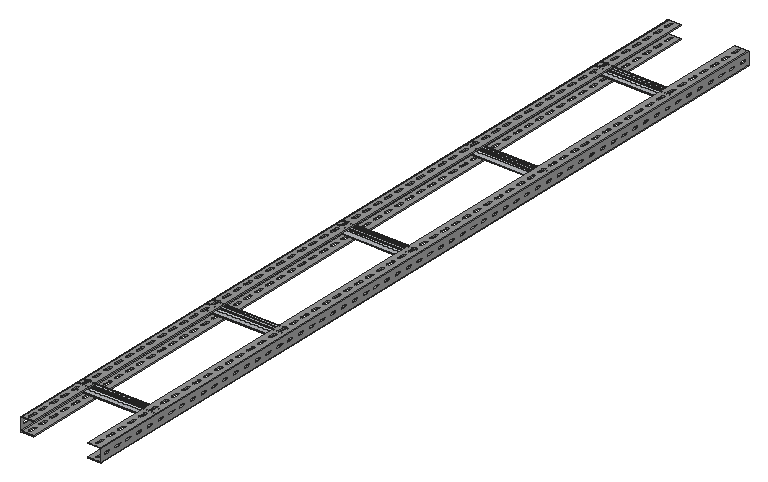
Revit family "steigeleiter_3_FT_FTSO_FTK_A2_A4.300rfa", category Generic Models, Revit 2017 (continued)
Forms (mm)
  Extrusion 152, void
    sketch origin (0, 1450, 0) x (1, 0, 0) y (0, 1, 0)
      loop
        line (-130.5, 34.5) -> (-130.5, 15.5)
    from 47.5 to 50
  Extrusion 153, void
    sketch origin (0, 1500, 0) x (1, 0, 0) y (0, 1, 0)
      loop
        arc (-130.5, 15.5) -> (-125, 10) -> (-119.5, 15.5) r 5.5
        line (-119.5, 15.5) -> (-119.5, 34.5)
        arc (-119.5, 34.5) -> (-125, 40) -> (-130.5, 34.5) r 5.5
        line (-130.5, 34.5) -> (-130.5, 15.5)
    from 47.5 to 50
  Extrusion 154, void
    sketch origin (0, 1550, 0) x (1, 0, 0) y (0, 1, 0)
      loop
        arc (-130.5, 15.5) -> (-125, 10) -> (-119.5, 15.5) r 5.5
        line (-119.5, 15.5) -> (-119.5, 34.5)
        arc (-119.5, 34.5) -> (-125, 40) -> (-130.5, 34.5) r 5.5
        line (-130.5, 34.5) -> (-130.5, 15.5)
    from 47.5 to 50
  Extrusion 155, void
    sketch origin (0, 1600, 0) x (1, 0, 0) y (0, 1, 0)
      loop
        arc (-130.5, 15.5) -> (-125, 10) -> (-119.5, 15.5) r 5.5
        line (-119.5, 15.5) -> (-119.5, 34.5)
        arc (-119.5, 34.5) -> (-125, 40) -> (-130.5, 34.5) r 5.5
        line (-130.5, 34.5) -> (-130.5, 15.5)
    from 47.5 to 50
  Extrusion 156, void
    sketch origin (0, 1650, 0) x (1, 0, 0) y (0, 1, 0)
      loop
        arc (-130.5, 15.5) -> (-125, 10) -> (-119.5, 15.5) r 5.5
        line (-119.5, 15.5) -> (-119.5, 34.5)
        arc (-119.5, 34.5) -> (-125, 40) -> (-130.5, 34.5) r 5.5
        line (-130.5, 34.5) -> (-130.5, 15.5)
    from 47.5 to 50
  Extrusion 157, void
    sketch origin (0, 1700, 0) x (1, 0, 0) y (0, 1, 0)
      loop
        arc (-130.5, 15.5) -> (-125, 10) -> (-119.5, 15.5) r 5.5
        line (-119.5, 15.5) -> (-119.5, 34.5)
        arc (-119.5, 34.5) -> (-125, 40) -> (-130.5, 34.5) r 5.5
        line (-130.5, 34.5) -> (-130.5, 15.5)
    from 47.5 to 50
  Extrusion 158, void
    sketch origin (0, 1750, 0) x (1, 0, 0) y (0, 1, 0)
      loop
        arc (-130.5, 15.5) -> (-125, 10) -> (-119.5, 15.5) r 5.5
        line (-119.5, 15.5) -> (-119.5, 34.5)
        arc (-119.5, 34.5) -> (-125, 40) -> (-130.5, 34.5) r 5.5
        line (-130.5, 34.5) -> (-130.5, 15.5)
    from 47.5 to 50
  Extrusion 159, void
    sketch origin (0, 1800, 0) x (1, 0, 0) y (0, 1, 0)
      loop
        arc (-130.5, 15.5) -> (-125, 10) -> (-119.5, 15.5) r 5.5
        line (-119.5, 15.5) -> (-119.5, 34.5)
        arc (-119.5, 34.5) -> (-125, 40) -> (-130.5, 34.5) r 5.5
        line (-130.5, 34.5) -> (-130.5, 15.5)
    from 47.5 to 50
  Extrusion 160, void
    sketch origin (0, 1850, 0) x (1, 0, 0) y (0, 1, 0)
      loop
        arc (-130.5, 15.5) -> (-125, 10) -> (-119.5, 15.5) r 5.5
        line (-119.5, 15.5) -> (-119.5, 34.5)
        arc (-119.5, 34.5) -> (-125, 40) -> (-130.5, 34.5) r 5.5
        line (-130.5, 34.5) -> (-130.5, 15.5)
    from 47.5 to 50
  Extrusion 161, void
    sketch origin (0, 1900, 0) x (1, 0, 0) y (0, 1, 0)
      loop
        arc (-130.5, 15.5) -> (-125, 10) -> (-119.5, 15.5) r 5.5
        line (-119.5, 15.5) -> (-119.5, 34.5)
        arc (-119.5, 34.5) -> (-125, 40) -> (-130.5, 34.5) r 5.5
        line (-130.5, 34.5) -> (-130.5, 15.5)
    from 47.5 to 50
  Extrusion 162, void
    sketch origin (0, 1950, 0) x (1, 0, 0) y (0, 1, 0)
      loop
        arc (-130.5, 15.5) -> (-125, 10) -> (-119.5, 15.5) r 5.5
        line (-119.5, 15.5) -> (-119.5, 34.5)
        arc (-119.5, 34.5) -> (-125, 40) -> (-130.5, 34.5) r 5.5
        line (-130.5, 34.5) -> (-130.5, 15.5)
    from 47.5 to 50
  Extrusion 163, void
    sketch origin (0, 2000, 0) x (1, 0, 0) y (0, 1, 0)
      loop
        arc (-130.5, 15.5) -> (-125, 10) -> (-119.5, 15.5) r 5.5
        line (-119.5, 15.5) -> (-119.5, 34.5)
        arc (-119.5, 34.5) -> (-125, 40) -> (-130.5, 34.5) r 5.5
        line (-130.5, 34.5) -> (-130.5, 15.5)
    from 47.5 to 50
  Extrusion 164, void
    sketch origin (0, 2050, 0) x (1, 0, 0) y (0, 1, 0)
      loop
        arc (-130.5, 15.5) -> (-125, 10) -> (-119.5, 15.5) r 5.5
        line (-119.5, 15.5) -> (-119.5, 34.5)
        arc (-119.5, 34.5) -> (-125, 40) -> (-130.5, 34.5) r 5.5
        line (-130.5, 34.5) -> (-130.5, 15.5)
    from 47.5 to 50
  Extrusion 165, void
    sketch origin (0, 2100, 0) x (1, 0, 0) y (0, 1, 0)
      loop
        arc (-130.5, 15.5) -> (-125, 10) -> (-119.5, 15.5) r 5.5
        line (-119.5, 15.5) -> (-119.5, 34.5)
        arc (-119.5, 34.5) -> (-125, 40) -> (-130.5, 34.5) r 5.5
        line (-130.5, 34.5) -> (-130.5, 15.5)
    from 47.5 to 50
  Extrusion 166, void
    sketch origin (0, 2150, 0) x (1, 0, 0) y (0, 1, 0)
      loop
        arc (-130.5, 15.5) -> (-125, 10) -> (-119.5, 15.5) r 5.5
        line (-119.5, 15.5) -> (-119.5, 34.5)
        arc (-119.5, 34.5) -> (-125, 40) -> (-130.5, 34.5) r 5.5
        line (-130.5, 34.5) -> (-130.5, 15.5)
    from 47.5 to 50
  Extrusion 167, void
    sketch origin (0, 2200, 0) x (1, 0, 0) y (0, 1, 0)
      loop
        arc (-130.5, 15.5) -> (-125, 10) -> (-119.5, 15.5) r 5.5
        line (-119.5, 15.5) -> (-119.5, 34.5)
        arc (-119.5, 34.5) -> (-125, 40) -> (-130.5, 34.5) r 5.5
        line (-130.5, 34.5) -> (-130.5, 15.5)
    from 47.5 to 50
  Extrusion 168, void
    sketch origin (0, 2250, 0) x (1, 0, 0) y (0, 1, 0)
      loop
        arc (-130.5, 15.5) -> (-125, 10) -> (-119.5, 15.5) r 5.5
        line (-119.5, 15.5) -> (-119.5, 34.5)
        arc (-119.5, 34.5) -> (-125, 40) -> (-130.5, 34.5) r 5.5
        line (-130.5, 34.5) -> (-130.5, 15.5)
    from 47.5 to 50
  Extrusion 169, void
    sketch origin (0, 2300, 0) x (1, 0, 0) y (0, 1, 0)
      loop
        arc (-130.5, 15.5) -> (-125, 10) -> (-119.5, 15.5) r 5.5
        line (-119.5, 15.5) -> (-119.5, 34.5)
        arc (-119.5, 34.5) -> (-125, 40) -> (-130.5, 34.5) r 5.5
        line (-130.5, 34.5) -> (-130.5, 15.5)
    from 47.5 to 50
  Extrusion 170, void
    sketch origin (0, 2350, 0) x (1, 0, 0) y (0, 1, 0)
      loop
        arc (-130.5, 15.5) -> (-125, 10) -> (-119.5, 15.5) r 5.5
        line (-119.5, 15.5) -> (-119.5, 34.5)
        arc (-119.5, 34.5) -> (-125, 40) -> (-130.5, 34.5) r 5.5
        line (-130.5, 34.5) -> (-130.5, 15.5)
    from 47.5 to 50
  Extrusion 171, void
    sketch origin (0, 2400, 0) x (1, 0, 0) y (0, 1, 0)
      loop
        arc (-130.5, 15.5) -> (-125, 10) -> (-119.5, 15.5) r 5.5
        line (-119.5, 15.5) -> (-119.5, 34.5)
        arc (-119.5, 34.5) -> (-125, 40) -> (-130.5, 34.5) r 5.5
        line (-130.5, 34.5) -> (-130.5, 15.5)
    from 47.5 to 50
  Extrusion 172, void
    sketch origin (0, 2450, 0) x (1, 0, 0) y (0, 1, 0)
      loop
        arc (-130.5, 15.5) -> (-125, 10) -> (-119.5, 15.5) r 5.5
        line (-119.5, 15.5) -> (-119.5, 34.5)
        arc (-119.5, 34.5) -> (-125, 40) -> (-130.5, 34.5) r 5.5
        line (-130.5, 34.5) -> (-130.5, 15.5)
    from 47.5 to 50
  Extrusion 173, void
    sketch origin (0, 2500, 0) x (1, 0, 0) y (0, 1, 0)
      loop
        arc (-130.5, 15.5) -> (-125, 10) -> (-119.5, 15.5) r 5.5
        line (-119.5, 15.5) -> (-119.5, 34.5)
        arc (-119.5, 34.5) -> (-125, 40) -> (-130.5, 34.5) r 5.5
        line (-130.5, 34.5) -> (-130.5, 15.5)
    from 47.5 to 50
  Extrusion 174, void
    sketch origin (0, 2550, 0) x (1, 0, 0) y (0, 1, 0)
      loop
        arc (-130.5, 15.5) -> (-125, 10) -> (-119.5, 15.5) r 5.5
        line (-119.5, 15.5) -> (-119.5, 34.5)
        arc (-119.5, 34.5) -> (-125, 40) -> (-130.5, 34.5) r 5.5
        line (-130.5, 34.5) -> (-130.5, 15.5)
    from 47.5 to 50
  Extrusion 175, void
    sketch origin (0, 2600, 0) x (1, 0, 0) y (0, 1, 0)
      loop
        arc (-130.5, 15.5) -> (-125, 10) -> (-119.5, 15.5) r 5.5
        line (-119.5, 15.5) -> (-119.5, 34.5)
        arc (-119.5, 34.5) -> (-125, 40) -> (-130.5, 34.5) r 5.5
        line (-130.5, 34.5) -> (-130.5, 15.5)
    from 47.5 to 50
  Extrusion 176, void
    sketch origin (0, 2650, 0) x (1, 0, 0) y (0, 1, 0)
      loop
        arc (-130.5, 15.5) -> (-125, 10) -> (-119.5, 15.5) r 5.5
        line (-119.5, 15.5) -> (-119.5, 34.5)
        arc (-119.5, 34.5) -> (-125, 40) -> (-130.5, 34.5) r 5.5
        line (-130.5, 34.5) -> (-130.5, 15.5)
    from 47.5 to 50
  Extrusion 177, void
    sketch origin (0, 2700, 0) x (1, 0, 0) y (0, 1, 0)
      loop
        arc (-130.5, 15.5) -> (-125, 10) -> (-119.5, 15.5) r 5.5
        line (-119.5, 15.5) -> (-119.5, 34.5)
        arc (-119.5, 34.5) -> (-125, 40) -> (-130.5, 34.5) r 5.5
        line (-130.5, 34.5) -> (-130.5, 15.5)
    from 47.5 to 50
  Extrusion 178, void
    sketch origin (0, 2750, 0) x (1, 0, 0) y (0, 1, 0)
      loop
        arc (-130.5, 15.5) -> (-125, 10) -> (-119.5, 15.5) r 5.5
        line (-119.5, 15.5) -> (-119.5, 34.5)
        arc (-119.5, 34.5) -> (-125, 40) -> (-130.5, 34.5) r 5.5
        line (-130.5, 34.5) -> (-130.5, 15.5)
    from 47.5 to 50
  Extrusion 179, void
    sketch origin (0, 2800, 0) x (1, 0, 0) y (0, 1, 0)
      loop
        arc (-130.5, 15.5) -> (-125, 10) -> (-119.5, 15.5) r 5.5
        line (-119.5, 15.5) -> (-119.5, 34.5)
        arc (-119.5, 34.5) -> (-125, 40) -> (-130.5, 34.5) r 5.5
        line (-130.5, 34.5) -> (-130.5, 15.5)
    from 47.5 to 50
  Extrusion 180, void
    sketch origin (0, 2850, 0) x (1, 0, 0) y (0, 1, 0)
      loop
        arc (-130.5, 15.5) -> (-125, 10) -> (-119.5, 15.5) r 5.5
        line (-119.5, 15.5) -> (-119.5, 34.5)
        arc (-119.5, 34.5) -> (-125, 40) -> (-130.5, 34.5) r 5.5
        line (-130.5, 34.5) -> (-130.5, 15.5)
    from 47.5 to 50
  Extrusion 181, void
    sketch origin (0, 2900, 0) x (1, 0, 0) y (0, 1, 0)
      loop
        arc (-130.5, 15.5) -> (-125, 10) -> (-119.5, 15.5) r 5.5
        line (-119.5, 15.5) -> (-119.5, 34.5)
        arc (-119.5, 34.5) -> (-125, 40) -> (-130.5, 34.5) r 5.5
        line (-130.5, 34.5) -> (-130.5, 15.5)
    from 47.5 to 50
  Extrusion 182, void
    sketch origin (0, 2950, 0) x (1, 0, 0) y (0, 1, 0)
      loop
        arc (-130.5, 15.5) -> (-125, 10) -> (-119.5, 15.5) r 5.5
        line (-119.5, 15.5) -> (-119.5, 34.5)
        arc (-119.5, 34.5) -> (-125, 40) -> (-130.5, 34.5) r 5.5
        line (-130.5, 34.5) -> (-130.5, 15.5)
    from 47.5 to 50
  Extrusion 183, void
    sketch origin (0, 50, 0) x (1, 0, 0) y (0, 1, 0)
      loop
        line (-119.5, 15.5) -> (-119.5, 34.5)
        arc (-119.5, 34.5) -> (-125, 40) -> (-130.5, 34.5) r 5.5
        line (-130.5, 34.5) -> (-130.5, 15.5)
        arc (-130.5, 15.5) -> (-125, 10) -> (-119.5, 15.5) r 5.5
    from 0 to 2.5
  Extrusion 184, void
    sketch origin (0, 100, 0) x (1, 0, 0) y (0, 1, 0)
      loop
        line (-119.5, 15.5) -> (-119.5, 34.5)
        arc (-119.5, 34.5) -> (-125, 40) -> (-130.5, 34.5) r 5.5
        line (-130.5, 34.5) -> (-130.5, 15.5)
        arc (-130.5, 15.5) -> (-125, 10) -> (-119.5, 15.5) r 5.5
    from 0 to 2.5
  Extrusion 185, void
    sketch origin (0, 150, 0) x (1, 0, 0) y (0, 1, 0)
      loop
        line (-119.5, 15.5) -> (-119.5, 34.5)
        arc (-119.5, 34.5) -> (-125, 40) -> (-130.5, 34.5) r 5.5
        line (-130.5, 34.5) -> (-130.5, 15.5)
        arc (-130.5, 15.5) -> (-125, 10) -> (-119.5, 15.5) r 5.5
    from 0 to 2.5
  Extrusion 186, void
    sketch origin (0, 200, 0) x (1, 0, 0) y (0, 1, 0)
      loop
        line (-119.5, 15.5) -> (-119.5, 34.5)
        arc (-119.5, 34.5) -> (-125, 40) -> (-130.5, 34.5) r 5.5
        line (-130.5, 34.5) -> (-130.5, 15.5)
        arc (-130.5, 15.5) -> (-125, 10) -> (-119.5, 15.5) r 5.5
    from 0 to 2.5
  Extrusion 187, void
    sketch origin (0, 250, 0) x (1, 0, 0) y (0, 1, 0)
      loop
        line (-119.5, 15.5) -> (-119.5, 34.5)
        arc (-119.5, 34.5) -> (-125, 40) -> (-130.5, 34.5) r 5.5
        line (-130.5, 34.5) -> (-130.5, 15.5)
        arc (-130.5, 15.5) -> (-125, 10) -> (-119.5, 15.5) r 5.5
    from 0 to 2.5
  Extrusion 188, void
    sketch origin (0, 300, 0) x (1, 0, 0) y (0, 1, 0)
      loop
        line (-119.5, 15.5) -> (-119.5, 34.5)
        arc (-119.5, 34.5) -> (-125, 40) -> (-130.5, 34.5) r 5.5
        line (-130.5, 34.5) -> (-130.5, 15.5)
        arc (-130.5, 15.5) -> (-125, 10) -> (-119.5, 15.5) r 5.5
    from 0 to 2.5
  Extrusion 189, void
    sketch origin (0, 350, 0) x (1, 0, 0) y (0, 1, 0)
      loop
        line (-119.5, 15.5) -> (-119.5, 34.5)
        arc (-119.5, 34.5) -> (-125, 40) -> (-130.5, 34.5) r 5.5
        line (-130.5, 34.5) -> (-130.5, 15.5)
        arc (-130.5, 15.5) -> (-125, 10) -> (-119.5, 15.5) r 5.5
    from 0 to 2.5
  Extrusion 190, void
    sketch origin (0, 400, 0) x (1, 0, 0) y (0, 1, 0)
      loop
        line (-119.5, 15.5) -> (-119.5, 34.5)
        arc (-119.5, 34.5) -> (-125, 40) -> (-130.5, 34.5) r 5.5
        line (-130.5, 34.5) -> (-130.5, 15.5)
        arc (-130.5, 15.5) -> (-125, 10) -> (-119.5, 15.5) r 5.5
    from 0 to 2.5
  Extrusion 191, void
    sketch origin (0, 450, 0) x (1, 0, 0) y (0, 1, 0)
      loop
        line (-119.5, 15.5) -> (-119.5, 34.5)
        arc (-119.5, 34.5) -> (-125, 40) -> (-130.5, 34.5) r 5.5
        line (-130.5, 34.5) -> (-130.5, 15.5)
        arc (-130.5, 15.5) -> (-125, 10) -> (-119.5, 15.5) r 5.5
    from 0 to 2.5
  Extrusion 192, void
    sketch origin (0, 500, 0) x (1, 0, 0) y (0, 1, 0)
      loop
        line (-119.5, 15.5) -> (-119.5, 34.5)
        arc (-119.5, 34.5) -> (-125, 40) -> (-130.5, 34.5) r 5.5
        line (-130.5, 34.5) -> (-130.5, 15.5)
        arc (-130.5, 15.5) -> (-125, 10) -> (-119.5, 15.5) r 5.5
    from 0 to 2.5
  Extrusion 193, void
    sketch origin (0, 550, 0) x (1, 0, 0) y (0, 1, 0)
      loop
        line (-119.5, 15.5) -> (-119.5, 34.5)
        arc (-119.5, 34.5) -> (-125, 40) -> (-130.5, 34.5) r 5.5
        line (-130.5, 34.5) -> (-130.5, 15.5)
        arc (-130.5, 15.5) -> (-125, 10) -> (-119.5, 15.5) r 5.5
    from 0 to 2.5
  Extrusion 194, void
    sketch origin (0, 600, 0) x (1, 0, 0) y (0, 1, 0)
      loop
        line (-119.5, 15.5) -> (-119.5, 34.5)
        arc (-119.5, 34.5) -> (-125, 40) -> (-130.5, 34.5) r 5.5
        line (-130.5, 34.5) -> (-130.5, 15.5)
        arc (-130.5, 15.5) -> (-125, 10) -> (-119.5, 15.5) r 5.5
    from 0 to 2.5
  Extrusion 195, void
    sketch origin (0, 650, 0) x (1, 0, 0) y (0, 1, 0)
      loop
        line (-119.5, 15.5) -> (-119.5, 34.5)
        arc (-119.5, 34.5) -> (-125, 40) -> (-130.5, 34.5) r 5.5
        line (-130.5, 34.5) -> (-130.5, 15.5)
        arc (-130.5, 15.5) -> (-125, 10) -> (-119.5, 15.5) r 5.5
    from 0 to 2.5
  Extrusion 196, void
    sketch origin (0, 700, 0) x (1, 0, 0) y (0, 1, 0)
      loop
        line (-119.5, 15.5) -> (-119.5, 34.5)
        arc (-119.5, 34.5) -> (-125, 40) -> (-130.5, 34.5) r 5.5
        line (-130.5, 34.5) -> (-130.5, 15.5)
        arc (-130.5, 15.5) -> (-125, 10) -> (-119.5, 15.5) r 5.5
    from 0 to 2.5
  Extrusion 197, void
    sketch origin (0, 750, 0) x (1, 0, 0) y (0, 1, 0)
      loop
        line (-119.5, 15.5) -> (-119.5, 34.5)
        arc (-119.5, 34.5) -> (-125, 40) -> (-130.5, 34.5) r 5.5
        line (-130.5, 34.5) -> (-130.5, 15.5)
        arc (-130.5, 15.5) -> (-125, 10) -> (-119.5, 15.5) r 5.5
    from 0 to 2.5
  Extrusion 198, void
    sketch origin (0, 800, 0) x (1, 0, 0) y (0, 1, 0)
      loop
        line (-119.5, 15.5) -> (-119.5, 34.5)
        arc (-119.5, 34.5) -> (-125, 40) -> (-130.5, 34.5) r 5.5
        line (-130.5, 34.5) -> (-130.5, 15.5)
        arc (-130.5, 15.5) -> (-125, 10) -> (-119.5, 15.5) r 5.5
    from 0 to 2.5
  Extrusion 199, void
    sketch origin (0, 850, 0) x (1, 0, 0) y (0, 1, 0)
      loop
        line (-119.5, 15.5) -> (-119.5, 34.5)
        arc (-119.5, 34.5) -> (-125, 40) -> (-130.5, 34.5) r 5.5
        line (-130.5, 34.5) -> (-130.5, 15.5)
        arc (-130.5, 15.5) -> (-125, 10) -> (-119.5, 15.5) r 5.5
    from 0 to 2.5
  Extrusion 200, void
    sketch origin (0, 900, 0) x (1, 0, 0) y (0, 1, 0)
      loop
        line (-119.5, 15.5) -> (-119.5, 34.5)
        arc (-119.5, 34.5) -> (-125, 40) -> (-130.5, 34.5) r 5.5
        line (-130.5, 34.5) -> (-130.5, 15.5)
        arc (-130.5, 15.5) -> (-125, 10) -> (-119.5, 15.5) r 5.5
    from 0 to 2.5
  Extrusion 201, void
    sketch origin (0, 950, 0) x (1, 0, 0) y (0, 1, 0)
      loop
        line (-119.5, 15.5) -> (-119.5, 34.5)
        arc (-119.5, 34.5) -> (-125, 40) -> (-130.5, 34.5) r 5.5
        line (-130.5, 34.5) -> (-130.5, 15.5)
        arc (-130.5, 15.5) -> (-125, 10) -> (-119.5, 15.5) r 5.5
    from 0 to 2.5
  Extrusion 202, void
    sketch origin (0, 1000, 0) x (1, 0, 0) y (0, 1, 0)
      loop
        line (-119.5, 15.5) -> (-119.5, 34.5)
        arc (-119.5, 34.5) -> (-125, 40) -> (-130.5, 34.5) r 5.5
        line (-130.5, 34.5) -> (-130.5, 15.5)
        arc (-130.5, 15.5) -> (-125, 10) -> (-119.5, 15.5) r 5.5
    from 0 to 2.5
  Extrusion 203, void
    sketch origin (0, 1050, 0) x (1, 0, 0) y (0, 1, 0)
      loop
        line (-119.5, 15.5) -> (-119.5, 34.5)
        arc (-119.5, 34.5) -> (-125, 40) -> (-130.5, 34.5) r 5.5
        line (-130.5, 34.5) -> (-130.5, 15.5)
        arc (-130.5, 15.5) -> (-125, 10) -> (-119.5, 15.5) r 5.5
    from 0 to 2.5
  Extrusion 204, void
    sketch origin (0, 1100, 0) x (1, 0, 0) y (0, 1, 0)
      loop
        line (-119.5, 15.5) -> (-119.5, 34.5)
        arc (-119.5, 34.5) -> (-125, 40) -> (-130.5, 34.5) r 5.5
        line (-130.5, 34.5) -> (-130.5, 15.5)
        arc (-130.5, 15.5) -> (-125, 10) -> (-119.5, 15.5) r 5.5
    from 0 to 2.5
  Extrusion 205, void
    sketch origin (0, 1150, 0) x (1, 0, 0) y (0, 1, 0)
      loop
        line (-119.5, 15.5) -> (-119.5, 34.5)
        arc (-119.5, 34.5) -> (-125, 40) -> (-130.5, 34.5) r 5.5
        line (-130.5, 34.5) -> (-130.5, 15.5)
        arc (-130.5, 15.5) -> (-125, 10) -> (-119.5, 15.5) r 5.5
    from 0 to 2.5
  Extrusion 206, void
    sketch origin (0, 1200, 0) x (1, 0, 0) y (0, 1, 0)
      loop
        line (-119.5, 15.5) -> (-119.5, 34.5)
        arc (-119.5, 34.5) -> (-125, 40) -> (-130.5, 34.5) r 5.5
        line (-130.5, 34.5) -> (-130.5, 15.5)
        arc (-130.5, 15.5) -> (-125, 10) -> (-119.5, 15.5) r 5.5
    from 0 to 2.5
  Extrusion 207, void
    sketch origin (0, 1250, 0) x (1, 0, 0) y (0, 1, 0)
      loop
        line (-119.5, 15.5) -> (-119.5, 34.5)
        arc (-119.5, 34.5) -> (-125, 40) -> (-130.5, 34.5) r 5.5
        line (-130.5, 34.5) -> (-130.5, 15.5)
        arc (-130.5, 15.5) -> (-125, 10) -> (-119.5, 15.5) r 5.5
    from 0 to 2.5
  Extrusion 208, void
    sketch origin (0, 1300, 0) x (1, 0, 0) y (0, 1, 0)
      loop
        line (-119.5, 15.5) -> (-119.5, 34.5)
        arc (-119.5, 34.5) -> (-125, 40) -> (-130.5, 34.5) r 5.5
        line (-130.5, 34.5) -> (-130.5, 15.5)
        arc (-130.5, 15.5) -> (-125, 10) -> (-119.5, 15.5) r 5.5
    from 0 to 2.5
  Extrusion 209, void
    sketch origin (0, 1350, 0) x (1, 0, 0) y (0, 1, 0)
      loop
        line (-119.5, 15.5) -> (-119.5, 34.5)
        arc (-119.5, 34.5) -> (-125, 40) -> (-130.5, 34.5) r 5.5
        line (-130.5, 34.5) -> (-130.5, 15.5)
        arc (-130.5, 15.5) -> (-125, 10) -> (-119.5, 15.5) r 5.5
    from 0 to 2.5
  Extrusion 210, void
    sketch origin (0, 1400, 0) x (1, 0, 0) y (0, 1, 0)
      loop
        line (-119.5, 15.5) -> (-119.5, 34.5)
        arc (-119.5, 34.5) -> (-125, 40) -> (-130.5, 34.5) r 5.5
        line (-130.5, 34.5) -> (-130.5, 15.5)
        arc (-130.5, 15.5) -> (-125, 10) -> (-119.5, 15.5) r 5.5
    from 0 to 2.5
  Extrusion 211, void
    sketch origin (0, 1450, 0) x (1, 0, 0) y (0, 1, 0)
      loop
        line (-119.5, 15.5) -> (-119.5, 34.5)
        arc (-119.5, 34.5) -> (-125, 40) -> (-130.5, 34.5) r 5.5
        line (-130.5, 34.5) -> (-130.5, 15.5)
        arc (-130.5, 15.5) -> (-125, 10) -> (-119.5, 15.5) r 5.5
    from 0 to 2.5
  Extrusion 212, void
    sketch origin (0, 1500, 0) x (1, 0, 0) y (0, 1, 0)
      loop
        line (-119.5, 15.5) -> (-119.5, 34.5)
        arc (-119.5, 34.5) -> (-125, 40) -> (-130.5, 34.5) r 5.5
        line (-130.5, 34.5) -> (-130.5, 15.5)
        arc (-130.5, 15.5) -> (-125, 10) -> (-119.5, 15.5) r 5.5
    from 0 to 2.5
  Extrusion 213, void
    sketch origin (0, 1550, 0) x (1, 0, 0) y (0, 1, 0)
      loop
        line (-119.5, 15.5) -> (-119.5, 34.5)
        arc (-119.5, 34.5) -> (-125, 40) -> (-130.5, 34.5) r 5.5
        line (-130.5, 34.5) -> (-130.5, 15.5)
        arc (-130.5, 15.5) -> (-125, 10) -> (-119.5, 15.5) r 5.5
    from 0 to 2.5
  Extrusion 214, void
    sketch origin (0, 1600, 0) x (1, 0, 0) y (0, 1, 0)
      loop
        line (-119.5, 15.5) -> (-119.5, 34.5)
        arc (-119.5, 34.5) -> (-125, 40) -> (-130.5, 34.5) r 5.5
        line (-130.5, 34.5) -> (-130.5, 15.5)
        arc (-130.5, 15.5) -> (-125, 10) -> (-119.5, 15.5) r 5.5
    from 0 to 2.5
  Extrusion 215, void
    sketch origin (0, 1650, 0) x (1, 0, 0) y (0, 1, 0)
      loop
        line (-119.5, 15.5) -> (-119.5, 34.5)
        arc (-119.5, 34.5) -> (-125, 40) -> (-130.5, 34.5) r 5.5
        line (-130.5, 34.5) -> (-130.5, 15.5)
        arc (-130.5, 15.5) -> (-125, 10) -> (-119.5, 15.5) r 5.5
    from 0 to 2.5
  Extrusion 216, void
    sketch origin (0, 1700, 0) x (1, 0, 0) y (0, 1, 0)
      loop
        line (-119.5, 15.5) -> (-119.5, 34.5)
        arc (-119.5, 34.5) -> (-125, 40) -> (-130.5, 34.5) r 5.5
        line (-130.5, 34.5) -> (-130.5, 15.5)
        arc (-130.5, 15.5) -> (-125, 10) -> (-119.5, 15.5) r 5.5
    from 0 to 2.5
  Extrusion 217, void
    sketch origin (0, 1750, 0) x (1, 0, 0) y (0, 1, 0)
      loop
        line (-119.5, 15.5) -> (-119.5, 34.5)
        arc (-119.5, 34.5) -> (-125, 40) -> (-130.5, 34.5) r 5.5
        line (-130.5, 34.5) -> (-130.5, 15.5)
        arc (-130.5, 15.5) -> (-125, 10) -> (-119.5, 15.5) r 5.5
    from 0 to 2.5
  Extrusion 218, void
    sketch origin (0, 1800, 0) x (1, 0, 0) y (0, 1, 0)
      loop
        line (-119.5, 15.5) -> (-119.5, 34.5)
        arc (-119.5, 34.5) -> (-125, 40) -> (-130.5, 34.5) r 5.5
        line (-130.5, 34.5) -> (-130.5, 15.5)
        arc (-130.5, 15.5) -> (-125, 10) -> (-119.5, 15.5) r 5.5
    from 0 to 2.5
  Extrusion 219, void
    sketch origin (0, 1850, 0) x (1, 0, 0) y (0, 1, 0)
      loop
        line (-119.5, 15.5) -> (-119.5, 34.5)
        arc (-119.5, 34.5) -> (-125, 40) -> (-130.5, 34.5) r 5.5
        line (-130.5, 34.5) -> (-130.5, 15.5)
        arc (-130.5, 15.5) -> (-125, 10) -> (-119.5, 15.5) r 5.5
    from 0 to 2.5
  Extrusion 220, void
    sketch origin (0, 1900, 0) x (1, 0, 0) y (0, 1, 0)
      loop
        line (-119.5, 15.5) -> (-119.5, 34.5)
        arc (-119.5, 34.5) -> (-125, 40) -> (-130.5, 34.5) r 5.5
        line (-130.5, 34.5) -> (-130.5, 15.5)
        arc (-130.5, 15.5) -> (-125, 10) -> (-119.5, 15.5) r 5.5
    from 0 to 2.5
  Extrusion 221, void
    sketch origin (0, 1950, 0) x (1, 0, 0) y (0, 1, 0)
      loop
        line (-119.5, 15.5) -> (-119.5, 34.5)
        arc (-119.5, 34.5) -> (-125, 40) -> (-130.5, 34.5) r 5.5
        line (-130.5, 34.5) -> (-130.5, 15.5)
        arc (-130.5, 15.5) -> (-125, 10) -> (-119.5, 15.5) r 5.5
    from 0 to 2.5
  Extrusion 222, void
    sketch origin (0, 2000, 0) x (1, 0, 0) y (0, 1, 0)
      loop
        line (-119.5, 15.5) -> (-119.5, 34.5)
        arc (-119.5, 34.5) -> (-125, 40) -> (-130.5, 34.5) r 5.5
        line (-130.5, 34.5) -> (-130.5, 15.5)
        arc (-130.5, 15.5) -> (-125, 10) -> (-119.5, 15.5) r 5.5
    from 0 to 2.5
  Extrusion 223, void
    sketch origin (0, 2050, 0) x (1, 0, 0) y (0, 1, 0)
      loop
        line (-119.5, 15.5) -> (-119.5, 34.5)
        arc (-119.5, 34.5) -> (-125, 40) -> (-130.5, 34.5) r 5.5
        line (-130.5, 34.5) -> (-130.5, 15.5)
        arc (-130.5, 15.5) -> (-125, 10) -> (-119.5, 15.5) r 5.5
    from 0 to 2.5
  Extrusion 224, void
    sketch origin (0, 2100, 0) x (1, 0, 0) y (0, 1, 0)
      loop
        line (-119.5, 15.5) -> (-119.5, 34.5)
        arc (-119.5, 34.5) -> (-125, 40) -> (-130.5, 34.5) r 5.5
        line (-130.5, 34.5) -> (-130.5, 15.5)
        arc (-130.5, 15.5) -> (-125, 10) -> (-119.5, 15.5) r 5.5
    from 0 to 2.5
  Extrusion 225, void
    sketch origin (0, 2150, 0) x (1, 0, 0) y (0, 1, 0)
      loop
        line (-119.5, 15.5) -> (-119.5, 34.5)
        arc (-119.5, 34.5) -> (-125, 40) -> (-130.5, 34.5) r 5.5
        line (-130.5, 34.5) -> (-130.5, 15.5)
        arc (-130.5, 15.5) -> (-125, 10) -> (-119.5, 15.5) r 5.5
    from 0 to 2.5
  Extrusion 226, void
    sketch origin (0, 2200, 0) x (1, 0, 0) y (0, 1, 0)
      loop
        line (-119.5, 15.5) -> (-119.5, 34.5)
        arc (-119.5, 34.5) -> (-125, 40) -> (-130.5, 34.5) r 5.5
        line (-130.5, 34.5) -> (-130.5, 15.5)
        arc (-130.5, 15.5) -> (-125, 10) -> (-119.5, 15.5) r 5.5
    from 0 to 2.5
  Extrusion 227, void
    sketch origin (0, 2250, 0) x (1, 0, 0) y (0, 1, 0)
      loop
        line (-119.5, 15.5) -> (-119.5, 34.5)
        arc (-119.5, 34.5) -> (-125, 40) -> (-130.5, 34.5) r 5.5
        line (-130.5, 34.5) -> (-130.5, 15.5)
        arc (-130.5, 15.5) -> (-125, 10) -> (-119.5, 15.5) r 5.5
    from 0 to 2.5
  Extrusion 228, void
    sketch origin (0, 2300, 0) x (1, 0, 0) y (0, 1, 0)
      loop
        line (-119.5, 15.5) -> (-119.5, 34.5)
        arc (-119.5, 34.5) -> (-125, 40) -> (-130.5, 34.5) r 5.5
        line (-130.5, 34.5) -> (-130.5, 15.5)
        arc (-130.5, 15.5) -> (-125, 10) -> (-119.5, 15.5) r 5.5
    from 0 to 2.5
  Extrusion 229, void
    sketch origin (0, 2350, 0) x (1, 0, 0) y (0, 1, 0)
      loop
        line (-119.5, 15.5) -> (-119.5, 34.5)
        arc (-119.5, 34.5) -> (-125, 40) -> (-130.5, 34.5) r 5.5
        line (-130.5, 34.5) -> (-130.5, 15.5)
        arc (-130.5, 15.5) -> (-125, 10) -> (-119.5, 15.5) r 5.5
    from 0 to 2.5
  Extrusion 230, void
    sketch origin (0, 2400, 0) x (1, 0, 0) y (0, 1, 0)
      loop
        line (-119.5, 15.5) -> (-119.5, 34.5)
        arc (-119.5, 34.5) -> (-125, 40) -> (-130.5, 34.5) r 5.5
        line (-130.5, 34.5) -> (-130.5, 15.5)
        arc (-130.5, 15.5) -> (-125, 10) -> (-119.5, 15.5) r 5.5
    from 0 to 2.5
  Extrusion 231, void
    sketch origin (0, 2450, 0) x (1, 0, 0) y (0, 1, 0)
      loop
        line (-119.5, 15.5) -> (-119.5, 34.5)
        arc (-119.5, 34.5) -> (-125, 40) -> (-130.5, 34.5) r 5.5
        line (-130.5, 34.5) -> (-130.5, 15.5)
        arc (-130.5, 15.5) -> (-125, 10) -> (-119.5, 15.5) r 5.5
    from 0 to 2.5
  Extrusion 232, void
    sketch origin (0, 2500, 0) x (1, 0, 0) y (0, 1, 0)
      loop
        line (-119.5, 15.5) -> (-119.5, 34.5)
        arc (-119.5, 34.5) -> (-125, 40) -> (-130.5, 34.5) r 5.5
        line (-130.5, 34.5) -> (-130.5, 15.5)
        arc (-130.5, 15.5) -> (-125, 10) -> (-119.5, 15.5) r 5.5
    from 0 to 2.5
  Extrusion 233, void
    sketch origin (0, 2550, 0) x (1, 0, 0) y (0, 1, 0)
      loop
        line (-119.5, 15.5) -> (-119.5, 34.5)
        arc (-119.5, 34.5) -> (-125, 40) -> (-130.5, 34.5) r 5.5
        line (-130.5, 34.5) -> (-130.5, 15.5)
        arc (-130.5, 15.5) -> (-125, 10) -> (-119.5, 15.5) r 5.5
    from 0 to 2.5
  Extrusion 234, void
    sketch origin (0, 2600, 0) x (1, 0, 0) y (0, 1, 0)
      loop
        line (-119.5, 15.5) -> (-119.5, 34.5)
        arc (-119.5, 34.5) -> (-125, 40) -> (-130.5, 34.5) r 5.5
        line (-130.5, 34.5) -> (-130.5, 15.5)
        arc (-130.5, 15.5) -> (-125, 10) -> (-119.5, 15.5) r 5.5
    from 0 to 2.5
  Extrusion 235, void
    sketch origin (0, 2650, 0) x (1, 0, 0) y (0, 1, 0)
      loop
        line (-119.5, 15.5) -> (-119.5, 34.5)
        arc (-119.5, 34.5) -> (-125, 40) -> (-130.5, 34.5) r 5.5
        line (-130.5, 34.5) -> (-130.5, 15.5)
        arc (-130.5, 15.5) -> (-125, 10) -> (-119.5, 15.5) r 5.5
    from 0 to 2.5
  Extrusion 236, void
    sketch origin (0, 2700, 0) x (1, 0, 0) y (0, 1, 0)
      loop
        line (-119.5, 15.5) -> (-119.5, 34.5)
        arc (-119.5, 34.5) -> (-125, 40) -> (-130.5, 34.5) r 5.5
        line (-130.5, 34.5) -> (-130.5, 15.5)
        arc (-130.5, 15.5) -> (-125, 10) -> (-119.5, 15.5) r 5.5
    from 0 to 2.5
  Extrusion 237, void
    sketch origin (0, 2750, 0) x (1, 0, 0) y (0, 1, 0)
      loop
        line (-119.5, 15.5) -> (-119.5, 34.5)
        arc (-119.5, 34.5) -> (-125, 40) -> (-130.5, 34.5) r 5.5
        line (-130.5, 34.5) -> (-130.5, 15.5)
        arc (-130.5, 15.5) -> (-125, 10) -> (-119.5, 15.5) r 5.5
    from 0 to 2.5
  Extrusion 238, void
    sketch origin (0, 2800, 0) x (1, 0, 0) y (0, 1, 0)
      loop
        line (-119.5, 15.5) -> (-119.5, 34.5)
        arc (-119.5, 34.5) -> (-125, 40) -> (-130.5, 34.5) r 5.5
        line (-130.5, 34.5) -> (-130.5, 15.5)
        arc (-130.5, 15.5) -> (-125, 10) -> (-119.5, 15.5) r 5.5
    from 0 to 2.5
  Extrusion 239, void
    sketch origin (0, 2850, 0) x (1, 0, 0) y (0, 1, 0)
      loop
        line (-119.5, 15.5) -> (-119.5, 34.5)
        arc (-119.5, 34.5) -> (-125, 40) -> (-130.5, 34.5) r 5.5
        line (-130.5, 34.5) -> (-130.5, 15.5)
        arc (-130.5, 15.5) -> (-125, 10) -> (-119.5, 15.5) r 5.5
    from 0 to 2.5
  Extrusion 240, void
    sketch origin (0, 2900, 0) x (1, 0, 0) y (0, 1, 0)
      loop
        line (-119.5, 15.5) -> (-119.5, 34.5)
        arc (-119.5, 34.5) -> (-125, 40) -> (-130.5, 34.5) r 5.5
        line (-130.5, 34.5) -> (-130.5, 15.5)
        arc (-130.5, 15.5) -> (-125, 10) -> (-119.5, 15.5) r 5.5
    from 0 to 2.5
  Extrusion 241, void
    sketch origin (0, 2950, 0) x (1, 0, 0) y (0, 1, 0)
      loop
        line (-119.5, 15.5) -> (-119.5, 34.5)
        arc (-119.5, 34.5) -> (-125, 40) -> (-130.5, 34.5) r 5.5
        line (-130.5, 34.5) -> (-130.5, 15.5)
        arc (-130.5, 15.5) -> (-125, 10) -> (-119.5, 15.5) r 5.5
    from 0 to 2.5
  Extrusion 242, void
    sketch origin (0, 0, 0) x (0, 1, 0) y (0, 0, 1)
      loop
        arc (15.5, 30.5) -> (10, 25) -> (15.5, 19.5) r 5.5
        line (15.5, 19.5) -> (34.5, 19.5)
        arc (34.5, 19.5) -> (40, 25) -> (34.5, 30.5) r 5.5
        line (34.5, 30.5) -> (15.5, 30.5)
    from 147.5 to 150
  Extrusion 243, void
    sketch origin (0, 50, 0) x (0, 1, 0) y (0, 0, 1)
      loop
        arc (15.5, 30.5) -> (10, 25) -> (15.5, 19.5) r 5.5
        line (15.5, 19.5) -> (34.5, 19.5)
        arc (34.5, 19.5) -> (40, 25) -> (34.5, 30.5) r 5.5
        line (34.5, 30.5) -> (15.5, 30.5)
    from 147.5 to 150
  Extrusion 244, void
    sketch origin (0, 100, 0) x (0, 1, 0) y (0, 0, 1)
      loop
        arc (15.5, 30.5) -> (10, 25) -> (15.5, 19.5) r 5.5
        line (15.5, 19.5) -> (34.5, 19.5)
        arc (34.5, 19.5) -> (40, 25) -> (34.5, 30.5) r 5.5
        line (34.5, 30.5) -> (15.5, 30.5)
    from 147.5 to 150
  Extrusion 245, void
    sketch origin (0, 150, 0) x (0, 1, 0) y (0, 0, 1)
      loop
        arc (15.5, 30.5) -> (10, 25) -> (15.5, 19.5) r 5.5
        line (15.5, 19.5) -> (34.5, 19.5)
        arc (34.5, 19.5) -> (40, 25) -> (34.5, 30.5) r 5.5
        line (34.5, 30.5) -> (15.5, 30.5)
    from 147.5 to 150
  Extrusion 246, void
    sketch origin (0, 200, 0) x (0, 1, 0) y (0, 0, 1)
      loop
        arc (15.5, 30.5) -> (10, 25) -> (15.5, 19.5) r 5.5
        line (15.5, 19.5) -> (34.5, 19.5)
        arc (34.5, 19.5) -> (40, 25) -> (34.5, 30.5) r 5.5
        line (34.5, 30.5) -> (15.5, 30.5)
    from 147.5 to 150
  Extrusion 247, void
    sketch origin (0, 250, 0) x (0, 1, 0) y (0, 0, 1)
      loop
        arc (15.5, 30.5) -> (10, 25) -> (15.5, 19.5) r 5.5
        line (15.5, 19.5) -> (34.5, 19.5)
        arc (34.5, 19.5) -> (40, 25) -> (34.5, 30.5) r 5.5
        line (34.5, 30.5) -> (15.5, 30.5)
    from 147.5 to 150
  Extrusion 248, void
    sketch origin (0, 300, 0) x (0, 1, 0) y (0, 0, 1)
      loop
        arc (15.5, 30.5) -> (10, 25) -> (15.5, 19.5) r 5.5
        line (15.5, 19.5) -> (34.5, 19.5)
        arc (34.5, 19.5) -> (40, 25) -> (34.5, 30.5) r 5.5
        line (34.5, 30.5) -> (15.5, 30.5)
    from 147.5 to 150
  Extrusion 249, void
    sketch origin (0, 350, 0) x (0, 1, 0) y (0, 0, 1)
      loop
        arc (15.5, 30.5) -> (10, 25) -> (15.5, 19.5) r 5.5
        line (15.5, 19.5) -> (34.5, 19.5)
        arc (34.5, 19.5) -> (40, 25) -> (34.5, 30.5) r 5.5
        line (34.5, 30.5) -> (15.5, 30.5)
    from 147.5 to 150
  Extrusion 250, void
    sketch origin (0, 400, 0) x (0, 1, 0) y (0, 0, 1)
      loop
        arc (15.5, 30.5) -> (10, 25) -> (15.5, 19.5) r 5.5
        line (15.5, 19.5) -> (34.5, 19.5)
        arc (34.5, 19.5) -> (40, 25) -> (34.5, 30.5) r 5.5
        line (34.5, 30.5) -> (15.5, 30.5)
    from 147.5 to 150
  Extrusion 251, void
    sketch origin (0, 450, 0) x (0, 1, 0) y (0, 0, 1)
      loop
        arc (15.5, 30.5) -> (10, 25) -> (15.5, 19.5) r 5.5
        line (15.5, 19.5) -> (34.5, 19.5)
        arc (34.5, 19.5) -> (40, 25) -> (34.5, 30.5) r 5.5
        line (34.5, 30.5) -> (15.5, 30.5)
    from 147.5 to 150
  Extrusion 252, void
    sketch origin (0, 500, 0) x (0, 1, 0) y (0, 0, 1)
      loop
        arc (15.5, 30.5) -> (10, 25) -> (15.5, 19.5) r 5.5
        line (15.5, 19.5) -> (34.5, 19.5)
        arc (34.5, 19.5) -> (40, 25) -> (34.5, 30.5) r 5.5
        line (34.5, 30.5) -> (15.5, 30.5)
    from 147.5 to 150
  Extrusion 253, void
    sketch origin (0, 550, 0) x (0, 1, 0) y (0, 0, 1)
      loop
        arc (15.5, 30.5) -> (10, 25) -> (15.5, 19.5) r 5.5
        line (15.5, 19.5) -> (34.5, 19.5)
        arc (34.5, 19.5) -> (40, 25) -> (34.5, 30.5) r 5.5
        line (34.5, 30.5) -> (15.5, 30.5)
    from 147.5 to 150
  Extrusion 254, void
    sketch origin (0, 600, 0) x (0, 1, 0) y (0, 0, 1)
      loop
        arc (15.5, 30.5) -> (10, 25) -> (15.5, 19.5) r 5.5
        line (15.5, 19.5) -> (34.5, 19.5)
        arc (34.5, 19.5) -> (40, 25) -> (34.5, 30.5) r 5.5
        line (34.5, 30.5) -> (15.5, 30.5)
    from 147.5 to 150
  Extrusion 255, void
    sketch origin (0, 650, 0) x (0, 1, 0) y (0, 0, 1)
      loop
        arc (15.5, 30.5) -> (10, 25) -> (15.5, 19.5) r 5.5
        line (15.5, 19.5) -> (34.5, 19.5)
        arc (34.5, 19.5) -> (40, 25) -> (34.5, 30.5) r 5.5
        line (34.5, 30.5) -> (15.5, 30.5)
    from 147.5 to 150
  Extrusion 256, void
    sketch origin (0, 700, 0) x (0, 1, 0) y (0, 0, 1)
      loop
        arc (15.5, 30.5) -> (10, 25) -> (15.5, 19.5) r 5.5
        line (15.5, 19.5) -> (34.5, 19.5)
        arc (34.5, 19.5) -> (40, 25) -> (34.5, 30.5) r 5.5
        line (34.5, 30.5) -> (15.5, 30.5)
    from 147.5 to 150
  Extrusion 257, void
    sketch origin (0, 750, 0) x (0, 1, 0) y (0, 0, 1)
      loop
        arc (15.5, 30.5) -> (10, 25) -> (15.5, 19.5) r 5.5
        line (15.5, 19.5) -> (34.5, 19.5)
        arc (34.5, 19.5) -> (40, 25) -> (34.5, 30.5) r 5.5
        line (34.5, 30.5) -> (15.5, 30.5)
    from 147.5 to 150
  Extrusion 258, void
    sketch origin (0, 800, 0) x (0, 1, 0) y (0, 0, 1)
      loop
        arc (15.5, 30.5) -> (10, 25) -> (15.5, 19.5) r 5.5
        line (15.5, 19.5) -> (34.5, 19.5)
        arc (34.5, 19.5) -> (40, 25) -> (34.5, 30.5) r 5.5
        line (34.5, 30.5) -> (15.5, 30.5)
    from 147.5 to 150
  Extrusion 259, void
    sketch origin (0, 850, 0) x (0, 1, 0) y (0, 0, 1)
      loop
        arc (15.5, 30.5) -> (10, 25) -> (15.5, 19.5) r 5.5
        line (15.5, 19.5) -> (34.5, 19.5)
        arc (34.5, 19.5) -> (40, 25) -> (34.5, 30.5) r 5.5
        line (34.5, 30.5) -> (15.5, 30.5)
    from 147.5 to 150
  Extrusion 260, void
    sketch origin (0, 900, 0) x (0, 1, 0) y (0, 0, 1)
      loop
        arc (15.5, 30.5) -> (10, 25) -> (15.5, 19.5) r 5.5
        line (15.5, 19.5) -> (34.5, 19.5)
        arc (34.5, 19.5) -> (40, 25) -> (34.5, 30.5) r 5.5
        line (34.5, 30.5) -> (15.5, 30.5)
    from 147.5 to 150
  Extrusion 261, void
    sketch origin (0, 950, 0) x (0, 1, 0) y (0, 0, 1)
      loop
        arc (15.5, 30.5) -> (10, 25) -> (15.5, 19.5) r 5.5
        line (15.5, 19.5) -> (34.5, 19.5)
        arc (34.5, 19.5) -> (40, 25) -> (34.5, 30.5) r 5.5
        line (34.5, 30.5) -> (15.5, 30.5)
    from 147.5 to 150
  Extrusion 262, void
    sketch origin (0, 1000, 0) x (0, 1, 0) y (0, 0, 1)
      loop
        arc (15.5, 30.5) -> (10, 25) -> (15.5, 19.5) r 5.5
        line (15.5, 19.5) -> (34.5, 19.5)
        arc (34.5, 19.5) -> (40, 25) -> (34.5, 30.5) r 5.5
        line (34.5, 30.5) -> (15.5, 30.5)
    from 147.5 to 150
  Extrusion 263, void
    sketch origin (0, 1050, 0) x (0, 1, 0) y (0, 0, 1)
      loop
        arc (15.5, 30.5) -> (10, 25) -> (15.5, 19.5) r 5.5
        line (15.5, 19.5) -> (34.5, 19.5)
        arc (34.5, 19.5) -> (40, 25) -> (34.5, 30.5) r 5.5
        line (34.5, 30.5) -> (15.5, 30.5)
    from 147.5 to 150
  Extrusion 264, void
    sketch origin (0, 1100, 0) x (0, 1, 0) y (0, 0, 1)
      loop
        arc (15.5, 30.5) -> (10, 25) -> (15.5, 19.5) r 5.5
        line (15.5, 19.5) -> (34.5, 19.5)
        arc (34.5, 19.5) -> (40, 25) -> (34.5, 30.5) r 5.5
        line (34.5, 30.5) -> (15.5, 30.5)
    from 147.5 to 150
  Extrusion 265, void
    sketch origin (0, 1150, 0) x (0, 1, 0) y (0, 0, 1)
      loop
        arc (15.5, 30.5) -> (10, 25) -> (15.5, 19.5) r 5.5
        line (15.5, 19.5) -> (34.5, 19.5)
        arc (34.5, 19.5) -> (40, 25) -> (34.5, 30.5) r 5.5
        line (34.5, 30.5) -> (15.5, 30.5)
    from 147.5 to 150
  Extrusion 266, void
    sketch origin (0, 1200, 0) x (0, 1, 0) y (0, 0, 1)
      loop
        arc (15.5, 30.5) -> (10, 25) -> (15.5, 19.5) r 5.5
        line (15.5, 19.5) -> (34.5, 19.5)
        arc (34.5, 19.5) -> (40, 25) -> (34.5, 30.5) r 5.5
        line (34.5, 30.5) -> (15.5, 30.5)
    from 147.5 to 150
  Extrusion 267, void
    sketch origin (0, 1250, 0) x (0, 1, 0) y (0, 0, 1)
      loop
        arc (15.5, 30.5) -> (10, 25) -> (15.5, 19.5) r 5.5
        line (15.5, 19.5) -> (34.5, 19.5)
        arc (34.5, 19.5) -> (40, 25) -> (34.5, 30.5) r 5.5
        line (34.5, 30.5) -> (15.5, 30.5)
    from 147.5 to 150
  Extrusion 268, void
    sketch origin (0, 1300, 0) x (0, 1, 0) y (0, 0, 1)
      loop
        arc (15.5, 30.5) -> (10, 25) -> (15.5, 19.5) r 5.5
        line (15.5, 19.5) -> (34.5, 19.5)
        arc (34.5, 19.5) -> (40, 25) -> (34.5, 30.5) r 5.5
        line (34.5, 30.5) -> (15.5, 30.5)
    from 147.5 to 150
  Extrusion 269, void
    sketch origin (0, 1350, 0) x (0, 1, 0) y (0, 0, 1)
      loop
        arc (15.5, 30.5) -> (10, 25) -> (15.5, 19.5) r 5.5
        line (15.5, 19.5) -> (34.5, 19.5)
        arc (34.5, 19.5) -> (40, 25) -> (34.5, 30.5) r 5.5
        line (34.5, 30.5) -> (15.5, 30.5)
    from 147.5 to 150
  Extrusion 270, void
    sketch origin (0, 1400, 0) x (0, 1, 0) y (0, 0, 1)
      loop
        arc (15.5, 30.5) -> (10, 25) -> (15.5, 19.5) r 5.5
        line (15.5, 19.5) -> (34.5, 19.5)
        arc (34.5, 19.5) -> (40, 25) -> (34.5, 30.5) r 5.5
        line (34.5, 30.5) -> (15.5, 30.5)
    from 147.5 to 150
  Extrusion 271, void
    sketch origin (0, 1450, 0) x (0, 1, 0) y (0, 0, 1)
      loop
        arc (15.5, 30.5) -> (10, 25) -> (15.5, 19.5) r 5.5
        line (15.5, 19.5) -> (34.5, 19.5)
        arc (34.5, 19.5) -> (40, 25) -> (34.5, 30.5) r 5.5
        line (34.5, 30.5) -> (15.5, 30.5)
    from 147.5 to 150
  Extrusion 272, void
    sketch origin (0, 1500, 0) x (0, 1, 0) y (0, 0, 1)
      loop
        arc (15.5, 30.5) -> (10, 25) -> (15.5, 19.5) r 5.5
        line (15.5, 19.5) -> (34.5, 19.5)
        arc (34.5, 19.5) -> (40, 25) -> (34.5, 30.5) r 5.5
        line (34.5, 30.5) -> (15.5, 30.5)
    from 147.5 to 150
  Extrusion 273, void
    sketch origin (0, 1550, 0) x (0, 1, 0) y (0, 0, 1)
      loop
        arc (15.5, 30.5) -> (10, 25) -> (15.5, 19.5) r 5.5
        line (15.5, 19.5) -> (34.5, 19.5)
        arc (34.5, 19.5) -> (40, 25) -> (34.5, 30.5) r 5.5
        line (34.5, 30.5) -> (15.5, 30.5)
    from 147.5 to 150
  Extrusion 274, void
    sketch origin (0, 1600, 0) x (0, 1, 0) y (0, 0, 1)
      loop
        arc (15.5, 30.5) -> (10, 25) -> (15.5, 19.5) r 5.5
        line (15.5, 19.5) -> (34.5, 19.5)
        arc (34.5, 19.5) -> (40, 25) -> (34.5, 30.5) r 5.5
        line (34.5, 30.5) -> (15.5, 30.5)
    from 147.5 to 150
  Extrusion 275, void
    sketch origin (0, 1650, 0) x (0, 1, 0) y (0, 0, 1)
      loop
        arc (15.5, 30.5) -> (10, 25) -> (15.5, 19.5) r 5.5
        line (15.5, 19.5) -> (34.5, 19.5)
        arc (34.5, 19.5) -> (40, 25) -> (34.5, 30.5) r 5.5
        line (34.5, 30.5) -> (15.5, 30.5)
    from 147.5 to 150
  Extrusion 276, void
    sketch origin (0, 1700, 0) x (0, 1, 0) y (0, 0, 1)
      loop
        arc (15.5, 30.5) -> (10, 25) -> (15.5, 19.5) r 5.5
        line (15.5, 19.5) -> (34.5, 19.5)
        arc (34.5, 19.5) -> (40, 25) -> (34.5, 30.5) r 5.5
        line (34.5, 30.5) -> (15.5, 30.5)
    from 147.5 to 150
  Extrusion 277, void
    sketch origin (0, 1750, 0) x (0, 1, 0) y (0, 0, 1)
      loop
        arc (15.5, 30.5) -> (10, 25) -> (15.5, 19.5) r 5.5
        line (15.5, 19.5) -> (34.5, 19.5)
        arc (34.5, 19.5) -> (40, 25) -> (34.5, 30.5) r 5.5
        line (34.5, 30.5) -> (15.5, 30.5)
    from 147.5 to 150
  Extrusion 278, void
    sketch origin (0, 1800, 0) x (0, 1, 0) y (0, 0, 1)
      loop
        arc (15.5, 30.5) -> (10, 25) -> (15.5, 19.5) r 5.5
        line (15.5, 19.5) -> (34.5, 19.5)
        arc (34.5, 19.5) -> (40, 25) -> (34.5, 30.5) r 5.5
        line (34.5, 30.5) -> (15.5, 30.5)
    from 147.5 to 150
  Extrusion 279, void
    sketch origin (0, 1850, 0) x (0, 1, 0) y (0, 0, 1)
      loop
        arc (15.5, 30.5) -> (10, 25) -> (15.5, 19.5) r 5.5
        line (15.5, 19.5) -> (34.5, 19.5)
        arc (34.5, 19.5) -> (40, 25) -> (34.5, 30.5) r 5.5
        line (34.5, 30.5) -> (15.5, 30.5)
    from 147.5 to 150
  Extrusion 280, void
    sketch origin (0, 1900, 0) x (0, 1, 0) y (0, 0, 1)
      loop
        arc (15.5, 30.5) -> (10, 25) -> (15.5, 19.5) r 5.5
        line (15.5, 19.5) -> (34.5, 19.5)
        arc (34.5, 19.5) -> (40, 25) -> (34.5, 30.5) r 5.5
        line (34.5, 30.5) -> (15.5, 30.5)
    from 147.5 to 150
  Extrusion 281, void
    sketch origin (0, 1950, 0) x (0, 1, 0) y (0, 0, 1)
      loop
        arc (15.5, 30.5) -> (10, 25) -> (15.5, 19.5) r 5.5
        line (15.5, 19.5) -> (34.5, 19.5)
        arc (34.5, 19.5) -> (40, 25) -> (34.5, 30.5) r 5.5
        line (34.5, 30.5) -> (15.5, 30.5)
    from 147.5 to 150
  Extrusion 282, void
    sketch origin (0, 2000, 0) x (0, 1, 0) y (0, 0, 1)
      loop
        arc (15.5, 30.5) -> (10, 25) -> (15.5, 19.5) r 5.5
        line (15.5, 19.5) -> (34.5, 19.5)
        arc (34.5, 19.5) -> (40, 25) -> (34.5, 30.5) r 5.5
        line (34.5, 30.5) -> (15.5, 30.5)
    from 147.5 to 150
  Extrusion 283, void
    sketch origin (0, 2050, 0) x (0, 1, 0) y (0, 0, 1)
      loop
        arc (15.5, 30.5) -> (10, 25) -> (15.5, 19.5) r 5.5
        line (15.5, 19.5) -> (34.5, 19.5)
        arc (34.5, 19.5) -> (40, 25) -> (34.5, 30.5) r 5.5
        line (34.5, 30.5) -> (15.5, 30.5)
    from 147.5 to 150
  Extrusion 284, void
    sketch origin (0, 2100, 0) x (0, 1, 0) y (0, 0, 1)
      loop
        arc (15.5, 30.5) -> (10, 25) -> (15.5, 19.5) r 5.5
        line (15.5, 19.5) -> (34.5, 19.5)
        arc (34.5, 19.5) -> (40, 25) -> (34.5, 30.5) r 5.5
        line (34.5, 30.5) -> (15.5, 30.5)
    from 147.5 to 150
  Extrusion 285, void
    sketch origin (0, 2150, 0) x (0, 1, 0) y (0, 0, 1)
      loop
        arc (15.5, 30.5) -> (10, 25) -> (15.5, 19.5) r 5.5
        line (15.5, 19.5) -> (34.5, 19.5)
        arc (34.5, 19.5) -> (40, 25) -> (34.5, 30.5) r 5.5
        line (34.5, 30.5) -> (15.5, 30.5)
    from 147.5 to 150
  Extrusion 286, void
    sketch origin (0, 2200, 0) x (0, 1, 0) y (0, 0, 1)
      loop
        arc (15.5, 30.5) -> (10, 25) -> (15.5, 19.5) r 5.5
        line (15.5, 19.5) -> (34.5, 19.5)
        arc (34.5, 19.5) -> (40, 25) -> (34.5, 30.5) r 5.5
        line (34.5, 30.5) -> (15.5, 30.5)
    from 147.5 to 150
  Extrusion 287, void
    sketch origin (0, 2250, 0) x (0, 1, 0) y (0, 0, 1)
      loop
        arc (15.5, 30.5) -> (10, 25) -> (15.5, 19.5) r 5.5
        line (15.5, 19.5) -> (34.5, 19.5)
        arc (34.5, 19.5) -> (40, 25) -> (34.5, 30.5) r 5.5
        line (34.5, 30.5) -> (15.5, 30.5)
    from 147.5 to 150
  Extrusion 288, void
    sketch origin (0, 2300, 0) x (0, 1, 0) y (0, 0, 1)
      loop
        arc (15.5, 30.5) -> (10, 25) -> (15.5, 19.5) r 5.5
        line (15.5, 19.5) -> (34.5, 19.5)
        arc (34.5, 19.5) -> (40, 25) -> (34.5, 30.5) r 5.5
        line (34.5, 30.5) -> (15.5, 30.5)
    from 147.5 to 150
  Extrusion 289, void
    sketch origin (0, 2350, 0) x (0, 1, 0) y (0, 0, 1)
      loop
        arc (15.5, 30.5) -> (10, 25) -> (15.5, 19.5) r 5.5
        line (15.5, 19.5) -> (34.5, 19.5)
        arc (34.5, 19.5) -> (40, 25) -> (34.5, 30.5) r 5.5
        line (34.5, 30.5) -> (15.5, 30.5)
    from 147.5 to 150
  Extrusion 290, void
    sketch origin (0, 2400, 0) x (0, 1, 0) y (0, 0, 1)
      loop
        arc (15.5, 30.5) -> (10, 25) -> (15.5, 19.5) r 5.5
        line (15.5, 19.5) -> (34.5, 19.5)
        arc (34.5, 19.5) -> (40, 25) -> (34.5, 30.5) r 5.5
        line (34.5, 30.5) -> (15.5, 30.5)
    from 147.5 to 150
  Extrusion 291, void
    sketch origin (0, 2450, 0) x (0, 1, 0) y (0, 0, 1)
      loop
        arc (15.5, 30.5) -> (10, 25) -> (15.5, 19.5) r 5.5
        line (15.5, 19.5) -> (34.5, 19.5)
        arc (34.5, 19.5) -> (40, 25) -> (34.5, 30.5) r 5.5
        line (34.5, 30.5) -> (15.5, 30.5)
    from 147.5 to 150
  Extrusion 292, void
    sketch origin (0, 2500, 0) x (0, 1, 0) y (0, 0, 1)
      loop
        arc (15.5, 30.5) -> (10, 25) -> (15.5, 19.5) r 5.5
        line (15.5, 19.5) -> (34.5, 19.5)
        arc (34.5, 19.5) -> (40, 25) -> (34.5, 30.5) r 5.5
        line (34.5, 30.5) -> (15.5, 30.5)
    from 147.5 to 150
  Extrusion 293, void
    sketch origin (0, 2550, 0) x (0, 1, 0) y (0, 0, 1)
      loop
        arc (15.5, 30.5) -> (10, 25) -> (15.5, 19.5) r 5.5
        line (15.5, 19.5) -> (34.5, 19.5)
        arc (34.5, 19.5) -> (40, 25) -> (34.5, 30.5) r 5.5
        line (34.5, 30.5) -> (15.5, 30.5)
    from 147.5 to 150
  Extrusion 294, void
    sketch origin (0, 2600, 0) x (0, 1, 0) y (0, 0, 1)
      loop
        arc (15.5, 30.5) -> (10, 25) -> (15.5, 19.5) r 5.5
        line (15.5, 19.5) -> (34.5, 19.5)
        arc (34.5, 19.5) -> (40, 25) -> (34.5, 30.5) r 5.5
        line (34.5, 30.5) -> (15.5, 30.5)
    from 147.5 to 150
  Extrusion 295, void
    sketch origin (0, 2650, 0) x (0, 1, 0) y (0, 0, 1)
      loop
        arc (15.5, 30.5) -> (10, 25) -> (15.5, 19.5) r 5.5
        line (15.5, 19.5) -> (34.5, 19.5)
        arc (34.5, 19.5) -> (40, 25) -> (34.5, 30.5) r 5.5
        line (34.5, 30.5) -> (15.5, 30.5)
    from 147.5 to 150
  Extrusion 296, void
    sketch origin (0, 2700, 0) x (0, 1, 0) y (0, 0, 1)
      loop
        arc (15.5, 30.5) -> (10, 25) -> (15.5, 19.5) r 5.5
        line (15.5, 19.5) -> (34.5, 19.5)
        arc (34.5, 19.5) -> (40, 25) -> (34.5, 30.5) r 5.5
        line (34.5, 30.5) -> (15.5, 30.5)
    from 147.5 to 150
  Extrusion 297, void
    sketch origin (0, 2750, 0) x (0, 1, 0) y (0, 0, 1)
      loop
        arc (15.5, 30.5) -> (10, 25) -> (15.5, 19.5) r 5.5
        line (15.5, 19.5) -> (34.5, 19.5)
        arc (34.5, 19.5) -> (40, 25) -> (34.5, 30.5) r 5.5
        line (34.5, 30.5) -> (15.5, 30.5)
    from 147.5 to 150
  Extrusion 298, void
    sketch origin (0, 2800, 0) x (0, 1, 0) y (0, 0, 1)
      loop
        arc (15.5, 30.5) -> (10, 25) -> (15.5, 19.5) r 5.5
        line (15.5, 19.5) -> (34.5, 19.5)
        arc (34.5, 19.5) -> (40, 25) -> (34.5, 30.5) r 5.5
        line (34.5, 30.5) -> (15.5, 30.5)
    from 147.5 to 150
  Extrusion 299, void
    sketch origin (0, 2850, 0) x (0, 1, 0) y (0, 0, 1)
      loop
        arc (15.5, 30.5) -> (10, 25) -> (15.5, 19.5) r 5.5
        line (15.5, 19.5) -> (34.5, 19.5)
        arc (34.5, 19.5) -> (40, 25) -> (34.5, 30.5) r 5.5
        line (34.5, 30.5) -> (15.5, 30.5)
    from 147.5 to 150
  Extrusion 300, void
    sketch origin (0, 2900, 0) x (0, 1, 0) y (0, 0, 1)
      loop
        arc (15.5, 30.5) -> (10, 25) -> (15.5, 19.5) r 5.5
        line (15.5, 19.5) -> (34.5, 19.5)
        arc (34.5, 19.5) -> (40, 25) -> (34.5, 30.5) r 5.5
        line (34.5, 30.5) -> (15.5, 30.5)
    from 147.5 to 150
  Extrusion 301, void
    sketch origin (0, 2950, 0) x (0, 1, 0) y (0, 0, 1)
      loop
        arc (15.5, 30.5) -> (10, 25) -> (15.5, 19.5) r 5.5
        line (15.5, 19.5) -> (34.5, 19.5)
        arc (34.5, 19.5) -> (40, 25) -> (34.5, 30.5) r 5.5
        line (34.5, 30.5) -> (15.5, 30.5)
    from 147.5 to 150
  Extrusion 302, void
    sketch origin (0, 0, 0) x (0, 1, 0) y (0, 0, 1)
      loop
        line (34.5, 30.5) -> (15.5, 30.5)
        arc (15.5, 30.5) -> (10, 25) -> (15.5, 19.5) r 5.5
        line (15.5, 19.5) -> (34.5, 19.5)
        arc (34.5, 19.5) -> (40, 25) -> (34.5, 30.5) r 5.5
    from -150 to -147.5
  Extrusion 303, void
    sketch origin (0, 50, 0) x (0, 1, 0) y (0, 0, 1)
      loop
        line (34.5, 30.5) -> (15.5, 30.5)
        arc (15.5, 30.5) -> (10, 25) -> (15.5, 19.5) r 5.5
        line (15.5, 19.5) -> (34.5, 19.5)
        arc (34.5, 19.5) -> (40, 25) -> (34.5, 30.5) r 5.5
    from -150 to -147.5
  Extrusion 304, void
    sketch origin (0, 100, 0) x (0, 1, 0) y (0, 0, 1)
      loop
        line (34.5, 30.5) -> (15.5, 30.5)
        arc (15.5, 30.5) -> (10, 25) -> (15.5, 19.5) r 5.5
        line (15.5, 19.5) -> (34.5, 19.5)
        arc (34.5, 19.5) -> (40, 25) -> (34.5, 30.5) r 5.5
    from -150 to -147.5
  Extrusion 305, void
    sketch origin (0, 150, 0) x (0, 1, 0) y (0, 0, 1)
      loop
        line (34.5, 30.5) -> (15.5, 30.5)
        arc (15.5, 30.5) -> (10, 25) -> (15.5, 19.5) r 5.5
        line (15.5, 19.5) -> (34.5, 19.5)
        arc (34.5, 19.5) -> (40, 25) -> (34.5, 30.5) r 5.5
    from -150 to -147.5
